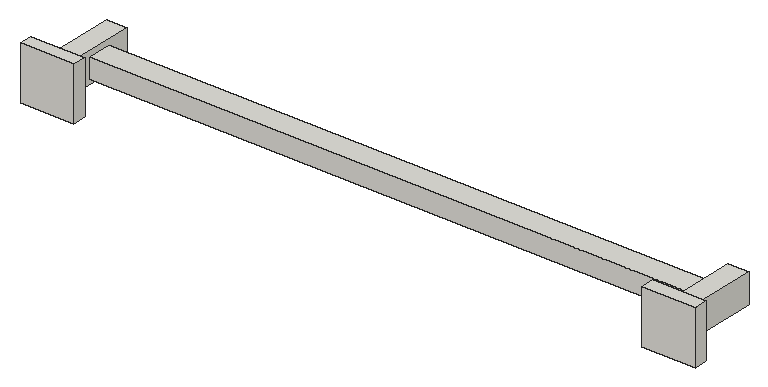
Revit family
Parameters (values of type "Towel bar")
  Width = 2' - 0"
  Manufacturer = "Bobrick"
  Assembly Code = ""
Reference planes (in)
  plane 1: y = 0
  plane 2 "Center (Left/Right)": x = -4.875
  plane 3 "Back": y = 3
  plane 4: y = 3
  plane 5: z = 0
  plane 6: z = 48
  plane 7: y = 6.25
  plane 8: x = -16.875
  plane 9: x = 7.125
Forms (in)
  Extrusion 1, solid, material "Metal - Chrome shiny"
    sketch origin (0.875, -56.95912, 12.47453) x (1, 0, 0) y (0, 1, 0)
      loop
        line (-18.375, 60.45912) -> (-18.375, 59.95912) -> (-16.375, 59.95912) -> (-16.375, 60.45912) -> (-18.375, 60.45912)
    from 33.52547 to 35.52547
  Extrusion 2, solid, material "Metal - Chrome shiny"
    sketch origin (6.75, 3, -0.30513) x (1, 0, 0) y (0, 0, 1)
      loop
        line (-22.875, 47.86669) -> (-23.625, 47.86669) -> (-23.625, 46.74358) -> (-22.875, 46.74358) -> (-22.875, 47.86669)
    from -0.5 to -3.25
  Extrusion 3, solid, material "Metal - Chrome shiny"
    sketch origin (-0.875, -56.95912, 12.47453) x (-1, 0, 0) y (0, -1, 0)
      loop
        line (-8.625, -60.45912) -> (-6.625, -60.45912) -> (-6.625, -59.95912) -> (-8.625, -59.95912) -> (-8.625, -60.45912)
    from 33.52547 to 35.52547
  Extrusion 4, solid, material "Metal - Chrome shiny"
    sketch origin (-3.75, 3, -0.30513) x (-1, 0, 0) y (0, 0, -1)
      loop
        line (-10.125, -47.86669) -> (-10.125, -46.74358) -> (-10.875, -46.74358) -> (-10.875, -47.86669) -> (-10.125, -47.86669)
    from -0.5 to -3.25
  Extrusion 5, solid, material "Metal - Chrome shiny"
    sketch origin (0, 3, -0.18655) x (1, 0, 0) y (0, 0, 1)
      loop
        line (6.375, 47.56155) -> (-16.125, 47.56155) -> (-16.125, 46.81155) -> (6.375, 46.81155) -> (6.375, 47.56155)
    from -1.47176 to -2.36872
Lines and regions (in)
  reference lines
    curve 1: line (-63.875, 3, 0) -> (65.125, 3, 0)
Text (in)
  text "Placement Side" at (0, 40.15149, 123.01588), in view "Right"
  text "Placement Side" at (-58.6842, 42.74981, 0), in view "Ref. Level"
  text "Placement Side" at (0, 47.49176, 140.59947), in view "Left"
Dimensions and locks (in)
  locked: plane 3 "Back" to host wall
  Extrusion 1 to level = 4' - 0"
  locked: Extrusion 1 to Extrusion 1 at 0.5
  locked: Extrusion 1 to Extrusion 1 at 2
  locked: Extrusion 3 to Extrusion 3 at 0.5
  locked: Extrusion 3 to Extrusion 3 at 2
  "Width": Extrusion 2 to Extrusion 4
  equal spacing: Extrusion 2, plane 2 "Center (Left/Right)", Extrusion 4
  locked: Extrusion 1 to Extrusion 2 at 0.625
  locked: Extrusion 4 to Extrusion 3 at 0.625
  locked: Extrusion 5 to Extrusion 4 at 0.75
  locked: Extrusion 2 to Extrusion 5 at 0.75
  locked: Extrusion 2 to Extrusion 1 at 0.625
  locked: Extrusion 3 to Extrusion 4 at 0.625
Automatic sketch dimensions
  curve 1 to level = 0' - 0"
  curve 1 to plane 8 = 3' - 11"
  plane 9 to curve 1 = 4' - 10"
  Extrusion 1 sketch curve to host wall = 0' - 0"
  Extrusion 1 sketch curve to plane 8 = 0' - 0 5/8"
  plane 8 to Extrusion 1 sketch curve = 0' - 1 3/8"
  host wall to Extrusion 1 sketch curve = 0' - 0 1/2"
  Extrusion 2 sketch curve to plane 8 = 0' - 0"
  Extrusion 2 sketch curve to Extrusion 2 sketch curve = 0' - 0 3/4"
  Extrusion 2 sketch curve to plane 6 = 0' - 1.56155"
  Extrusion 2 sketch curve to plane 6 = 0' - 0.43845"
  Extrusion 3 sketch curve to host wall = 0' - 0"
  plane 9 to Extrusion 3 sketch curve = 0' - 0 5/8"
  Extrusion 3 sketch curve to plane 9 = 0' - 1 3/8"
  host wall to Extrusion 3 sketch curve = 0' - 0 1/2"
  Extrusion 4 sketch curve to plane 9 = 0' - 0"
  Extrusion 4 sketch curve to Extrusion 4 sketch curve = 0' - 0 3/4"
  plane 6 to Extrusion 4 sketch curve = 0' - 1.56155"
  plane 6 to Extrusion 4 sketch curve = 0' - 0.43845"
  plane 8 to Extrusion 5 sketch curve = 0' - 0 3/4"
  Extrusion 5 sketch curve to plane 9 = 0' - 0 3/4"
  Extrusion 5 sketch curve to plane 6 = 0' - 1 3/8"
  Extrusion 5 sketch curve to plane 6 = 0' - 0 5/8"
